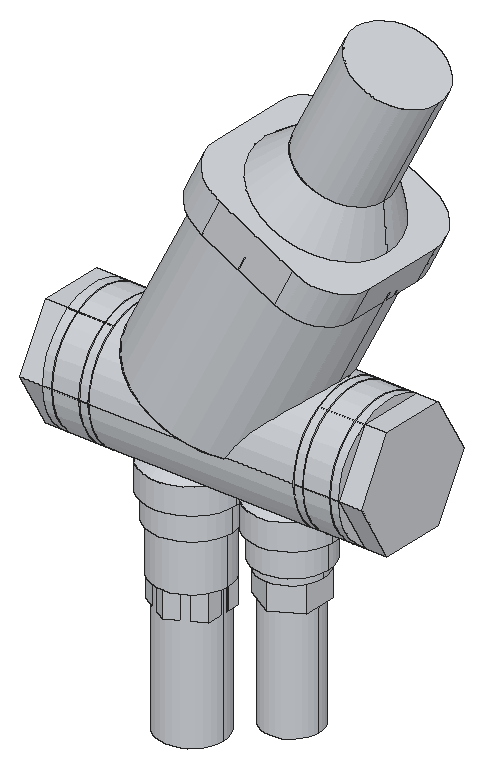
Revit family "Sigma_Compact_DN015 LF_s vyp_RFA_2019", category Pipe Accessories, Revit 2019
Family settings
  Round Connector Dimension = Use Diameter
  Part Type = Valve - Breaks Into
  Work Plane-Based = No
  Always vertical = Yes
  Cut with Voids When Loaded = No
  Shared = No
Parameters (values of type "Sigma Compact DN 15 LF s vypouštěním")
  magiProductId = "4da2706faa094394a6b47e72802cb6"
  magiProductFamilyId = "b36b5fd198d64ff2a1a242d49e26b9"
  magiPartTypeId = 304
  isMeasuringValve [instance] = no
  ang2D [instance] = 0.00°
  Z6 = 26.1 mm
  Z5 = 60.9 mm
  Z4 = 52.2 mm
  Z3 = 8.7 mm
  Z2 = 43.5 mm
  XR2 = 25 mm
  XR1 = 13 mm
  W2D = 15 mm
  VersionID = "2.0/2018.12.13.2/FRESE_SIGMA_PLUG_Q13_001"
  Use Minimum Symbol Size [instance] = no
  URL = "www.hydronic.cz"
  Type Comments = "závitový; vnitřní závit; PN25; max dp=400kPa; -10~+120°C; max uzavírací tlak 1MPa"
  R4 = 15 mm
  R3 = 10 mm
  R2 = 14 mm
  R1 = 19 mm
  QmdConnectorList = "301;D;302;D"
  Productdata [instance] = ""
  NL__ve = -NL  # -15 mm
  NL = 15 mm
  Manufacturer = "Hydronic Systems Prague s.r.o."
  MC Use Limits From Balancing Method = no
  MC Throttling Minimum Value = 0
  MC Throttling Maximum Value = 0
  MC Product Code = "53-2220 DN15 FF s měřením a vypouštěním; (40-900 l/h); kvs=2,6"
  MC Pressure Drop Minimum Value = 0.0 Pa
  MC Pressure Drop Maximum Value = 0.0 Pa
  MC Piping Given Pressure Drop [instance] = 0.0 Pa
  M5 = 32.5 mm
  M4 = 30.5 mm
  M3 = 24.5 mm
  M2 = 22.5 mm
  LP = 37.5 mm
  LM = 45 mm
  LL__ve = -LL  # -5.7 mm
  LLT__ve = -LLT  # -14.9 mm
  LLT = 14.9 mm
  LLL = 11 mm
  LL3 = 41 mm
  LL2 = 32 mm
  LL = 5.7 mm
  L3 = 11 mm
  L2D_Min = 30.48 mm
  L2D = 65 mm
  Description = "Automatický vyvažovací ventil"
  DR1 = yes
  DR0 = no
  DL2 = 66 mm
  D = 15 mm
  CenSd_R2_6 = R2 * cos(30.00°)  # 12.124 mm
  CAT0 = yes
  C0D1 = yes
  C0D0 = no
Types (3, lengths in mm): name | magiProductId | Z6 | Z5 | Z4 | Z3 | Z2 | R2 | NL__ve | NL | MC Product Code | M5 | M4 | M3 | M2 | LP | LM | LL__ve | LLT__ve | LLT | LL3 | LL2 | LL | DL2 | D | CenSd_R2_6
  Sigma Compact DN 15 LF s vypouštěním | "4da2706faa094394a6b47e72802cb6" | 26.1 | 60.9 | 52.2 | 8.7 | 43.5 | 14 | -15 | 15 | "53-2220 DN15 FF s měřením a vypouštěním; (40-900 l/h); kvs=2,6" | 32.5 | 30.5 | 24.5 | 22.5 | 37.5 | 45 | -5.7 | -14.9 | 14.9 | 41 | 32 | 5.7 | 66 | 15 | 12.124
  Sigma Compact DN 20 LF s vypouštěním | "4441b8ffc9524b918ae82076b70c18" | 26.1 | 60.9 | 52.2 | 8.7 | 43.5 | 14 | -15.8 | 15.8 | "53-2222 DN20 FF s měřením a vypouštěním; (86-1550 l/h); kvs=4,0" | 33.7 | 31.7 | 25.7 | 23.7 | 39.5 | 47.4 | -5.7 | -14.9 | 14.9 | 41 | 32 | 5.7 | 66 | 20 | 12.124
  Sigma Compact DN 25 LF s vypouštěním | "c12e4a96aaac41ec97144b6aa94874" | 27 | 63 | 54 | 9 | 45 | 18 | -16.6 | 16.6 | "53-2228 DN25 FF s měřením a vypouštěním; (95-2000 l/h); kvs=3,9" | 34.9 | 32.9 | 26.9 | 24.9 | 41.5 | 49.8 | -5.9 | -16.3 | 16.3 | 43 | 34 | 5.9 | 68 | 25 | 15.588
Reference planes
  plane 1 "Center (Front/Back)": y = 0
  plane 2 "XYPLANE": z = 0
  plane 3 "Center (Left/Right)": x = 0
  plane 4 "408": x = 37.5
  plane 5 "407": x = -37.5
  plane 6 "404": z = -35.3
  plane 7 "403": z = -41
  plane 8 "402": z = -66
  plane 9 "213": x = -11
  plane 10 "168": z = -10.9
  plane 11 "167": z = -12.9
  plane 12 "166": z = -18.6
  plane 13 "165": z = -24.3
  plane 14 "164": z = -26.3
  plane 15 "154": z = 0
  plane 16 "152": y = 0
  plane 17 "151": z = -32
  plane 18 "150": x = 11
  plane 19 "75": through (318.218, 0, 679.605) normal (0.891, 0, -0.454)
  plane 20 "74": x = 32.5
  plane 21 "73": x = 30.5
  plane 22 "72": x = 24.5
  plane 23 "71": x = 22.5
  plane 24 "70": x = -32.5
  plane 25 "69": x = -30.5
  plane 26 "68": x = -24.5
  plane 27 "67": y = 0
  plane 28 "66": through (-666.893, 0, 343.166) normal (0.454, 0, 0.891)
  plane 29 "65": x = -22.5
  plane 30 "64": through (335.147, 0, 670.979) normal (0.891, 0, -0.454)
  plane 31 "63": through (-648.506, 0, 379.252) normal (0.454, 0, 0.891)
  plane 32 "62": through (352.076, 0, 662.353) normal (0.891, 0, -0.454)
  plane 33 "61": y = 19
  plane 34 "60": y = -19
  plane 35 "59": through (-644.557, 0, 387.003) normal (0.454, 0, 0.891)
  plane 36 "58": through (-640.607, 0, 394.755) normal (0.454, 0, 0.891)
  plane 37 "56": x = 0
  plane 38 "55": through (-668.255, 0, 340.493) normal (0.454, 0, 0.891)
  plane 39 "102XY": through (-668.255, 0, 340.493) normal (0.454, 0, 0.891)
  plane 40 "102XZ": y = 0
  plane 41 "102YZ": through (340.493, 0, 668.255) normal (0.891, 0, -0.454)
Forms (mm)
  Extrusion 1, solid
    sketch origin (37.5, -750, 0) x (0, 1, 0) y (0, 0, 1)
      loop
        line (764, 0) -> (757, 12.124) -> (743, 12.124) -> (736, 0) -> (743, -12.124) -> (757, -12.124) -> (764, 0)
    from 0 to -15 <- "NL__ve"
  Extrusion 2, solid
    sketch origin (-37.5, -750, 0) x (0, 1, 0) y (0, 0, 1)
      loop
        line (736, 0) -> (743, -12.124) -> (757, -12.124) -> (764, 0) -> (757, 12.124) -> (743, 12.124) -> (736, 0)
    from 0 to 15 <- "NL"
  Extrusion 3, solid, visible <- "C0D1"
    sketch origin (-750, 0, -66) x (1, 0, 0) y (0, 1, 0)
      loop
        circle (739, 0) r 7
    from 0 to 50
  Extrusion 4, solid, visible <- "DR1"
    sketch origin (-750, 0, -35.3) x (1, 0, 0) y (0, 1, 0)
      loop
        line (739, -8) -> (745.928, -4) -> (745.928, 4) -> (739, 8) -> (732.072, 4) -> (732.072, -4) -> (739, -8)
    from 0 to -5.7 <- "LL__ve"
  Extrusion 5, solid, visible <- "DR1"
    sketch origin (-750, 0, -35.3) x (1, 0, 0) y (0, 1, 0)
      loop
        circle (739, 0) r 8
    from 0 to 11 <- "LLL"
  Extrusion 6, solid, visible <- "DR1"
    sketch origin (-750, 0, -24.3) x (1, 0, 0) y (0, 1, 0)
      loop
        circle (739, 0) r 9
    from 0 to 5.7 <- "LL"
  Extrusion 7, solid, visible <- "DR1"
    sketch origin (-750, 0, -18.6) x (1, 0, 0) y (0, 1, 0)
      loop
        circle (739, 0) r 10
    from 0 to 5.7 <- "LL"
  Blend 8, solid, visible <- "DR1"
    base sketch origin (-750, 0, -10.9) x (1, 0, 0) y (0, 1, 0)
      loop
        circle (739, 0) r 7.5
    top sketch origin (-750, 0, -10.9) x (1, 0, 0) y (0, 1, 0)
      loop
        circle (739, 0) r 10
    from 0 to -2
  Extrusion 9, solid, visible <- "DR1"
    sketch origin (-750, 0, 0) x (1, 0, 0) y (0, 1, 0)
      loop
        circle (739, 0) r 7.5
    from 0 to -14.9 <- "LLT__ve"
  Extrusion 10, solid, visible <- "C0D0"
    sketch origin (-750, 0, -32) x (1, 0, 0) y (0, 1, 0)
      loop
        circle (739, 0) r 6
    from 0 to -25
  Extrusion 11, solid, visible <- "DR0"
    sketch origin (-750, 0, -26.3) x (1, 0, 0) y (0, 1, 0)
      loop
        line (739, -7) -> (745.062, -3.5) -> (745.062, 3.5) -> (739, 7) -> (732.938, 3.5) -> (732.938, -3.5) -> (739, -7)
    from 0 to -5.7 <- "LL__ve"
  Extrusion 12, solid, visible <- "DR0"
    sketch origin (-750, 0, -26.3) x (1, 0, 0) y (0, 1, 0)
      loop
        circle (739, 0) r 7
    from 0 to 2
  Extrusion 13, solid, visible <- "DR0"
    sketch origin (-750, 0, -18.6) x (1, 0, 0) y (0, 1, 0)
      loop
        circle (739, 0) r 9
    from 0 to 5.7 <- "LL"
  Blend 14, solid, visible <- "DR0"
    base sketch origin (-750, 0, -10.9) x (1, 0, 0) y (0, 1, 0)
      loop
        circle (739, 0) r 6.5
    top sketch origin (-750, 0, -10.9) x (1, 0, 0) y (0, 1, 0)
      loop
        circle (739, 0) r 9
    from 0 to -2
  Extrusion 15, solid, visible <- "DR0"
    sketch origin (-750, 0, 0) x (1, 0, 0) y (0, 1, 0)
      loop
        circle (739, 0) r 6.5
    from 0 to -14.9 <- "LLT__ve"
  Extrusion 16, solid, visible <- "DR0"
    sketch origin (-750, 0, 0) x (1, 0, 0) y (0, 1, 0)
      loop
        circle (739, 0) r 6.5
    from 0 to -14.9 <- "LLT__ve"
  Blend 17, solid, visible <- "DR0"
    base sketch origin (-750, 0, -10.9) x (1, 0, 0) y (0, 1, 0)
      loop
        circle (739, 0) r 6.5
    top sketch origin (-750, 0, -10.9) x (1, 0, 0) y (0, 1, 0)
      loop
        circle (739, 0) r 9
    from 0 to -2
  Extrusion 18, solid, visible <- "DR0"
    sketch origin (-750, 0, -18.6) x (1, 0, 0) y (0, 1, 0)
      loop
        circle (739, 0) r 9
    from 0 to 5.7 <- "LL"
  Extrusion 19, solid, visible <- "DR0"
    sketch origin (-750, 0, -24.3) x (1, 0, 0) y (0, 1, 0)
      loop
        circle (739, 0) r 8
    from 0 to 5.7 <- "LL"
  Extrusion 20, solid, visible <- "DR0"
    sketch origin (-750, 0, -26.3) x (1, 0, 0) y (0, 1, 0)
      loop
        circle (739, 0) r 7
    from 0 to 2
  Extrusion 21, solid, visible <- "DR0"
    sketch origin (-750, 0, -26.3) x (1, 0, 0) y (0, 1, 0)
      loop
        line (739, -7) -> (745.062, -3.5) -> (745.062, 3.5) -> (739, 7) -> (732.938, 3.5) -> (732.938, -3.5) -> (739, -7)
    from 0 to -5.7 <- "LL__ve"
  Extrusion 22, solid, visible <- "C0D0"
    sketch origin (-750, 0, -32) x (1, 0, 0) y (0, 1, 0)
      loop
        circle (739, 0) r 6
    from 0 to -25
  Extrusion 23, solid, visible <- "CAT0"
    sketch origin (-750, 0, -32) x (1, 0, 0) y (0, 1, 0)
      loop
        circle (761, 0) r 6
    from 0 to -25
  Extrusion 24, solid
    sketch origin (-750, 0, -26.3) x (1, 0, 0) y (0, 1, 0)
      loop
        line (761, -7) -> (767.062, -3.5) -> (767.062, 3.5) -> (761, 7) -> (754.938, 3.5) -> (754.938, -3.5) -> (761, -7)
    from 0 to -5.7 <- "LL__ve"
  Extrusion 25, solid
    sketch origin (-750, 0, -26.3) x (1, 0, 0) y (0, 1, 0)
      loop
        circle (761, 0) r 7
    from 0 to 2
  Extrusion 26, solid
    sketch origin (-750, 0, -24.3) x (1, 0, 0) y (0, 1, 0)
      loop
        circle (761, 0) r 8
    from 0 to 5.7 <- "LL"
  Extrusion 27, solid
    sketch origin (-750, 0, -18.6) x (1, 0, 0) y (0, 1, 0)
      loop
        circle (761, 0) r 9
    from 0 to 5.7 <- "LL"
  Blend 28, solid
    base sketch origin (-750, 0, -10.9) x (1, 0, 0) y (0, 1, 0)
      loop
        circle (761, 0) r 6.5
    top sketch origin (-750, 0, -10.9) x (1, 0, 0) y (0, 1, 0)
      loop
        circle (761, 0) r 9
    from 0 to -2
  Extrusion 29, solid
    sketch origin (-750, 0, 0) x (1, 0, 0) y (0, 1, 0)
      loop
        circle (761, 0) r 6.5
    from 0 to -14.9 <- "LLT__ve"
  Blend 30, solid, visible <- "CAT0"
    base sketch origin (30.5, -750, 0) x (0, 1, 0) y (0, 0, 1)
      loop
        circle (750, 0) r 14
    top sketch origin (30.5, -750, 0) x (0, 1, 0) y (0, 0, 1)
      loop
        circle (750, 0) r 14
    from 0 to 2
  Extrusion 31, solid, visible <- "CAT0"
    sketch origin (24.5, -750, 0) x (0, 1, 0) y (0, 0, 1)
      loop
        circle (750, 0) r 14
    from 0 to 6
  Blend 32, solid, visible <- "CAT0"
    base sketch origin (22.5, -750, 0) x (0, 1, 0) y (0, 0, 1)
      loop
        circle (750, 0) r 14
    top sketch origin (22.5, -750, 0) x (0, 1, 0) y (0, 0, 1)
      loop
        circle (750, 0) r 14
    from 0 to 2
  Blend 33, solid, visible <- "CAT0"
    base sketch origin (-30.5, -750, 0) x (0, 1, 0) y (0, 0, 1)
      loop
        circle (750, 0) r 14
    top sketch origin (-30.5, -750, 0) x (0, 1, 0) y (0, 0, 1)
      loop
        circle (750, 0) r 14
    from 0 to -2
  Extrusion 34, solid, visible <- "CAT0"
    sketch origin (-30.5, -750, 0) x (0, 1, 0) y (0, 0, 1)
      loop
        circle (750, 0) r 14
    from 0 to 6
  Blend 35, solid, visible <- "CAT0"
    base sketch origin (-24.5, -750, 0) x (0, 1, 0) y (0, 0, 1)
      loop
        circle (750, 0) r 14
    top sketch origin (-24.5, -750, 0) x (0, 1, 0) y (0, 0, 1)
      loop
        circle (750, 0) r 14
    from 0 to 2
  Extrusion 36, solid, visible <- "CAT0"
    sketch origin (-22.5, -750, 0) x (0, 1, 0) y (0, 0, 1)
      loop
        circle (750, 0) r 14
    from 0 to 45 <- "LM"
  Extrusion 37, solid, visible <- "CAT0"
    sketch origin (-666.893, 0, 343.166) x (0.891007, 0, -0.45399) y (0, 1, 0)
      loop
        circle (744, 0) r 19
    from 0 to 43.5 <- "Z2"
  Extrusion 38, solid, visible <- "CAT0"
    sketch origin (-648.506, 0, 379.252) x (0.891007, 0, -0.45399) y (0, 1, 0)
      loop
        arc (735, 19) -> (727.929, 16.071) -> (725, 9) r 10
        line (725, 9) -> (725, -9)
        arc (725, -9) -> (727.929, -16.071) -> (735, -19) r 10
        line (735, -19) -> (753, -19)
        arc (753, -19) -> (760.071, -16.071) -> (763, -9) r 10
        line (763, -9) -> (763, 9)
        arc (763, 9) -> (760.071, 16.071) -> (753, 19) r 10
        line (753, 19) -> (735, 19)
    from 0 to 8.7 <- "Z3"
  Blend 39, solid, visible <- "CAT0"
    base sketch origin (-644.557, 0, 387.003) x (0.891007, 0, -0.45399) y (0, 1, 0)
      loop
        circle (744, 0) r 15
    top sketch origin (-644.557, 0, 387.003) x (0.891007, 0, -0.45399) y (0, 1, 0)
      loop
        circle (744, 0) r 10
    from 0 to 8.7
  Extrusion 40, solid, visible <- "CAT0"
    sketch origin (-640.607, 0, 394.755) x (0.891007, 0, -0.45399) y (0, 1, 0)
      loop
        circle (744, 0) r 10
    from 0 to 26.1 <- "Z6"
  Blend 41, solid, visible <- "CAT0"
    base sketch origin (-668.255, 0, 340.493) x (0.891007, 0, -0.45399) y (0, 1, 0)
      loop
        circle (744, 0) r 15
    top sketch origin (-668.255, 0, 340.493) x (0.891007, 0, -0.45399) y (0, 1, 0)
      loop
        circle (744, 0) r 19
    from 0 to 3
  Extrusion 42, solid, not visible
    sketch origin (-32.5, -750, 0) x (0, 1, 0) y (0, 0, 1)
      loop
        circle (750, 0) r 10
    from 0 to 10
  Extrusion 43, solid, not visible
    sketch origin (32.5, -750, 0) x (0, 1, 0) y (0, 0, 1)
      loop
        circle (750, 0) r 10
    from 0 to -10
Lines and regions (mm)
  reference lines, not visible
    curve 1: circle (2, 2, 0) r 1 normal (0, 0, 1)
  reference lines
    curve 2: line (37.5, 0, 0) -> (37.5, -3.5, 6.062)
    curve 3: line (37.5, 0, 0) -> (37.5, -7, 0)
    curve 4: line (37.5, 0, 0) -> (37.5, -3.5, -6.062)
    curve 5: line (-37.5, 0, 0) -> (-37.5, 3.5, 6.062)
    curve 6: line (-37.5, 0, 0) -> (-37.5, 7, 0)
    curve 7: line (-37.5, 0, 0) -> (-37.5, 3.5, -6.062)
Dimensions and locks
  plane 1 "Center (Front/Back)" to curve 1 = 2 mm
  "LP": plane 37 "56" to plane 4 "408"
  "LP": plane 37 "56" to plane 5 "407"
  "LL": plane 7 "403" to plane 6 "404"
  "LL3": plane 2 "XYPLANE" to plane 7 "403"
  "DL2": plane 2 "XYPLANE" to plane 8 "402"
  "L3": plane 3 "Center (Left/Right)" to plane 9 "213"
  locked: plane 11 "167" to plane 10 "168" at 2
  "LL": plane 12 "166" to plane 11 "167"
  "LL": plane 13 "165" to plane 12 "166"
  locked: plane 14 "164" to plane 13 "165" at 2
  "LL": plane 17 "151" to plane 14 "164"
  locked: plane 2 "XYPLANE" to plane 15 "154"
  locked: plane 1 "Center (Front/Back)" to plane 16 "152"
  "LL2": plane 2 "XYPLANE" to plane 17 "151"
  "L3": plane 3 "Center (Left/Right)" to plane 18 "150"
  "XR2": plane 41 "102YZ" to plane 19 "75"
  "M5": plane 3 "Center (Left/Right)" to plane 20 "74"
  "M4": plane 3 "Center (Left/Right)" to plane 21 "73"
  "M3": plane 3 "Center (Left/Right)" to plane 22 "72"
  "M2": plane 3 "Center (Left/Right)" to plane 23 "71"
  "M5": plane 3 "Center (Left/Right)" to plane 24 "70"
  "M4": plane 3 "Center (Left/Right)" to plane 25 "69"
  "M3": plane 3 "Center (Left/Right)" to plane 26 "68"
  locked: plane 16 "152" to plane 27 "67"
  locked: plane 39 "102XY" to plane 28 "66" at 3
  "M2": plane 3 "Center (Left/Right)" to plane 29 "65"
  locked: plane 41 "102YZ" to plane 30 "64" at 6
  "Z2": plane 39 "102XY" to plane 31 "63"
  "XR1": plane 41 "102YZ" to plane 32 "62"
  "R1": plane 16 "152" to plane 33 "61"
  "R1": plane 16 "152" to plane 34 "60"
  "Z4": plane 39 "102XY" to plane 35 "59"
  "Z5": plane 39 "102XY" to plane 36 "58"
  locked: plane 3 "Center (Left/Right)" to plane 37 "56"
  locked: plane 39 "102XY" to plane 38 "55"
  "CenSd_R2_6": curve 2 to Extrusion 1 sketch curve  (x2)
  "CenSd_R2_6": curve 3 to Extrusion 1 sketch curve  (x2)
  "CenSd_R2_6": curve 4 to Extrusion 1 sketch curve  (x2)
  Extrusion 1 sketch curve to Extrusion 1 sketch curve = 0 mm  (x12)
  "CenSd_R2_6": curve 5 to Extrusion 2 sketch curve  (x2)
  "CenSd_R2_6": curve 6 to Extrusion 2 sketch curve  (x2)
  "CenSd_R2_6": curve 7 to Extrusion 2 sketch curve  (x2)
  Extrusion 2 sketch curve to Extrusion 2 sketch curve = 0 mm  (x12)
  Extrusion 4 sketch curve to Extrusion 4 sketch curve = 0 mm  (x12)
  Extrusion 11 sketch curve to Extrusion 11 sketch curve = 0 mm  (x12)
  Extrusion 21 sketch curve to Extrusion 21 sketch curve = 0 mm  (x12)
  Extrusion 24 sketch curve to Extrusion 24 sketch curve = 0 mm  (x12)
  Extrusion 38 sketch curve to Extrusion 38 sketch curve = 0 mm  (x16)
  "R2": radius of Blend 30 sketch curve  (x2)
  "R2": radius of Extrusion 31 sketch curve
  "R2": radius of Blend 32 sketch curve  (x2)
  "R2": radius of Blend 33 sketch curve  (x2)
  "R2": radius of Extrusion 34 sketch curve
  "R2": radius of Blend 35 sketch curve  (x2)
  "R2": radius of Extrusion 36 sketch curve
  "R1": radius of Extrusion 37 sketch curve
  radius of Extrusion 38 sketch curve = 10 mm  (x4)
  "R3": radius of Blend 39 sketch curve
  "R4": radius of Blend 39 sketch curve
  "R3": radius of Extrusion 40 sketch curve
  "R1": radius of Blend 41 sketch curve
  locked: curve 3 to curve 2 (angle 60.00°)
  locked: curve 4 to curve 3 (angle 60.00°)
  locked: curve 4 to curve 2 (angle 120.00°)
  locked: curve 6 to curve 5 (angle 60.00°)
  locked: curve 7 to curve 6 (angle 60.00°)
  locked: curve 7 to curve 5 (angle 120.00°)
  aligned and locked: level to plane 2 "XYPLANE"
  aligned and locked: plane 15 "154" to curve 4
  aligned and locked: curve 4 to plane 16 "152"
  aligned and locked: plane 15 "154" to curve 7
  aligned and locked: curve 7 to plane 16 "152"
  aligned and locked: plane 9 "213" to Extrusion 3 sketch curve
  aligned and locked: plane 16 "152" to Extrusion 3 sketch curve
  aligned and locked: plane 9 "213" to Extrusion 5 sketch curve
  aligned and locked: plane 16 "152" to Extrusion 5 sketch curve
  aligned and locked: plane 9 "213" to Extrusion 6 sketch curve
  aligned and locked: plane 16 "152" to Extrusion 6 sketch curve
  aligned and locked: plane 9 "213" to Extrusion 7 sketch curve
  aligned and locked: plane 16 "152" to Extrusion 7 sketch curve
  aligned and locked: plane 9 "213" to Blend 8 sketch curve  (x2)
  aligned and locked: plane 16 "152" to Blend 8 sketch curve  (x2)
  aligned and locked: Blend 8 to plane 11 "167"
  aligned and locked: plane 9 "213" to Extrusion 9 sketch curve
  aligned and locked: plane 16 "152" to Extrusion 9 sketch curve
  aligned and locked: plane 9 "213" to Extrusion 10 sketch curve
  aligned and locked: plane 16 "152" to Extrusion 10 sketch curve
  aligned and locked: plane 9 "213" to Extrusion 12 sketch curve
  aligned and locked: plane 16 "152" to Extrusion 12 sketch curve
  aligned and locked: plane 9 "213" to Extrusion 13 sketch curve
  aligned and locked: plane 16 "152" to Extrusion 13 sketch curve
  aligned and locked: plane 9 "213" to Blend 14 sketch curve  (x2)
  aligned and locked: plane 16 "152" to Blend 14 sketch curve  (x2)
  aligned and locked: Blend 14 to plane 11 "167"
  aligned and locked: plane 9 "213" to Extrusion 15 sketch curve
  aligned and locked: plane 16 "152" to Extrusion 15 sketch curve
  aligned and locked: plane 9 "213" to Extrusion 16 sketch curve
  aligned and locked: plane 16 "152" to Extrusion 16 sketch curve
  aligned and locked: plane 9 "213" to Blend 17 sketch curve  (x2)
  aligned and locked: plane 16 "152" to Blend 17 sketch curve  (x2)
  aligned and locked: Blend 17 to plane 11 "167"
  aligned and locked: plane 9 "213" to Extrusion 18 sketch curve
  aligned and locked: plane 16 "152" to Extrusion 18 sketch curve
  aligned and locked: plane 9 "213" to Extrusion 19 sketch curve
  aligned and locked: plane 16 "152" to Extrusion 19 sketch curve
  aligned and locked: plane 9 "213" to Extrusion 20 sketch curve
  aligned and locked: plane 16 "152" to Extrusion 20 sketch curve
  aligned and locked: plane 9 "213" to Extrusion 22 sketch curve
  aligned and locked: plane 16 "152" to Extrusion 22 sketch curve
  aligned and locked: plane 16 "152" to Extrusion 23 sketch curve
  aligned and locked: plane 18 "150" to Extrusion 23 sketch curve
  aligned and locked: plane 16 "152" to Extrusion 25 sketch curve
  aligned and locked: plane 18 "150" to Extrusion 25 sketch curve
  aligned and locked: plane 16 "152" to Extrusion 26 sketch curve
  aligned and locked: plane 18 "150" to Extrusion 26 sketch curve
  aligned and locked: plane 16 "152" to Extrusion 27 sketch curve
  aligned and locked: plane 18 "150" to Extrusion 27 sketch curve
  aligned and locked: plane 16 "152" to Blend 28 sketch curve  (x2)
  aligned and locked: plane 18 "150" to Blend 28 sketch curve  (x2)
  aligned and locked: Blend 28 to plane 11 "167"
  aligned and locked: plane 16 "152" to Extrusion 29 sketch curve
  aligned and locked: plane 18 "150" to Extrusion 29 sketch curve
  aligned and locked: plane 15 "154" to Blend 30 sketch curve  (x2)
  aligned and locked: Blend 30 sketch curve to plane 16 "152"  (x2)
  aligned and locked: plane 20 "74" to Blend 30
  aligned and locked: plane 15 "154" to Extrusion 31 sketch curve
  aligned and locked: Extrusion 31 sketch curve to plane 16 "152"
  aligned and locked: plane 15 "154" to Blend 32 sketch curve  (x2)
  aligned and locked: Blend 32 sketch curve to plane 16 "152"  (x2)
  aligned and locked: plane 22 "72" to Blend 32
  aligned and locked: plane 15 "154" to Blend 33 sketch curve  (x2)
  aligned and locked: Blend 33 sketch curve to plane 16 "152"  (x2)
  aligned and locked: Blend 33 to plane 24 "70"
  aligned and locked: plane 15 "154" to Extrusion 34 sketch curve
  aligned and locked: Extrusion 34 sketch curve to plane 16 "152"
  aligned and locked: plane 15 "154" to Blend 35 sketch curve  (x2)
  aligned and locked: Blend 35 sketch curve to plane 16 "152"  (x2)
  aligned and locked: plane 29 "65" to Blend 35
  aligned and locked: plane 15 "154" to Extrusion 36 sketch curve
  aligned and locked: Extrusion 36 sketch curve to plane 16 "152"
  aligned and locked: plane 27 "67" to Extrusion 37 sketch curve
  aligned and locked: Extrusion 37 sketch curve to plane 30 "64"
  aligned and locked: Extrusion 38 sketch curve to plane 19 "75"
  aligned and locked: Extrusion 38 sketch curve to plane 34 "60"
  aligned and locked: Extrusion 38 sketch curve to plane 32 "62"
  aligned and locked: plane 33 "61" to Extrusion 38 sketch curve
  aligned and locked: plane 27 "67" to Blend 39 sketch curve  (x2)
  aligned and locked: Blend 39 sketch curve to plane 30 "64"  (x2)
  aligned and locked: plane 36 "58" to Blend 39
  aligned and locked: plane 27 "67" to Extrusion 40 sketch curve
  aligned and locked: Extrusion 40 sketch curve to plane 30 "64"
  aligned and locked: plane 27 "67" to Blend 41 sketch curve  (x2)
  aligned and locked: Blend 41 sketch curve to plane 30 "64"  (x2)
  aligned and locked: plane 28 "66" to Blend 41
  aligned and locked: plane 15 "154" to Extrusion 42 sketch curve
  aligned and locked: Extrusion 42 sketch curve to plane 16 "152"
  aligned and locked: plane 15 "154" to Extrusion 43 sketch curve
  aligned and locked: Extrusion 43 sketch curve to plane 16 "152"
Automatic sketch dimensions
  plane 29 "65" to Extrusion 3 sketch curve = 4.5 mm
  Extrusion 4 sketch curve to plane 9 "213" = 0 mm  (x2)
  plane 29 "65" to Extrusion 4 sketch curve = 4.572 mm
  Extrusion 4 sketch curve to plane 3 "Center (Left/Right)" = 4.072 mm
  plane 1 "Center (Front/Back)" to Extrusion 4 sketch curve = 8 mm
  plane 1 "Center (Front/Back)" to Extrusion 4 sketch curve = 4 mm  (x2)
  Extrusion 4 sketch curve to plane 1 "Center (Front/Back)" = 4 mm  (x2)
  Extrusion 4 sketch curve to Extrusion 4 sketch curve = 4 mm
  plane 29 "65" to Extrusion 5 sketch curve = 3.5 mm
  plane 29 "65" to Extrusion 6 sketch curve = 2.5 mm
  plane 29 "65" to Extrusion 7 sketch curve = 1.5 mm
  plane 29 "65" to Blend 8 sketch curve = 4 mm
  plane 29 "65" to Blend 8 sketch curve = 1.5 mm
  plane 29 "65" to Extrusion 9 sketch curve = 4 mm
  plane 29 "65" to Extrusion 10 sketch curve = 5.5 mm
  Extrusion 11 sketch curve to plane 9 "213" = 0 mm  (x2)
  plane 29 "65" to Extrusion 11 sketch curve = 5.438 mm
  Extrusion 11 sketch curve to plane 3 "Center (Left/Right)" = 4.938 mm
  plane 1 "Center (Front/Back)" to Extrusion 11 sketch curve = 7 mm
  plane 1 "Center (Front/Back)" to Extrusion 11 sketch curve = 3.5 mm  (x2)
  Extrusion 11 sketch curve to plane 1 "Center (Front/Back)" = 3.5 mm  (x2)
  Extrusion 11 sketch curve to Extrusion 11 sketch curve = 3.5 mm
  plane 29 "65" to Extrusion 12 sketch curve = 4.5 mm
  plane 29 "65" to Extrusion 13 sketch curve = 2.5 mm
  plane 29 "65" to Blend 14 sketch curve = 5 mm
  plane 29 "65" to Blend 14 sketch curve = 2.5 mm
  plane 29 "65" to Extrusion 15 sketch curve = 5 mm
  plane 29 "65" to Extrusion 16 sketch curve = 5 mm
  plane 29 "65" to Blend 17 sketch curve = 5 mm
  plane 29 "65" to Blend 17 sketch curve = 2.5 mm
  plane 29 "65" to Extrusion 18 sketch curve = 2.5 mm
  plane 29 "65" to Extrusion 19 sketch curve = 3.5 mm
  plane 29 "65" to Extrusion 20 sketch curve = 4.5 mm
  Extrusion 21 sketch curve to plane 9 "213" = 0 mm  (x2)
  plane 29 "65" to Extrusion 21 sketch curve = 5.438 mm
  Extrusion 21 sketch curve to plane 3 "Center (Left/Right)" = 4.938 mm
  plane 1 "Center (Front/Back)" to Extrusion 21 sketch curve = 7 mm
  plane 1 "Center (Front/Back)" to Extrusion 21 sketch curve = 3.5 mm  (x2)
  Extrusion 21 sketch curve to plane 1 "Center (Front/Back)" = 3.5 mm  (x2)
  Extrusion 21 sketch curve to Extrusion 21 sketch curve = 3.5 mm
  plane 29 "65" to Extrusion 22 sketch curve = 5.5 mm
  plane 3 "Center (Left/Right)" to Extrusion 23 sketch curve = 5 mm
  Extrusion 24 sketch curve to plane 18 "150" = 0 mm  (x2)
  plane 3 "Center (Left/Right)" to Extrusion 24 sketch curve = 4.938 mm
  Extrusion 24 sketch curve to plane 23 "71" = 5.438 mm
  plane 1 "Center (Front/Back)" to Extrusion 24 sketch curve = 7 mm
  plane 1 "Center (Front/Back)" to Extrusion 24 sketch curve = 3.5 mm  (x2)
  Extrusion 24 sketch curve to plane 1 "Center (Front/Back)" = 3.5 mm  (x2)
  Extrusion 24 sketch curve to Extrusion 24 sketch curve = 3.5 mm
  plane 3 "Center (Left/Right)" to Extrusion 25 sketch curve = 4 mm
  plane 3 "Center (Left/Right)" to Extrusion 26 sketch curve = 3 mm
  plane 3 "Center (Left/Right)" to Extrusion 27 sketch curve = 2 mm
  plane 3 "Center (Left/Right)" to Blend 28 sketch curve = 4.5 mm
  plane 3 "Center (Left/Right)" to Blend 28 sketch curve = 2 mm
  plane 3 "Center (Left/Right)" to Extrusion 29 sketch curve = 4.5 mm
  plane 19 "75" to Blend 41 sketch curve = 4 mm
  plane 34 "60" to Extrusion 42 sketch curve = 9 mm
  plane 34 "60" to Extrusion 43 sketch curve = 9 mm
  plane 3 "Center (Left/Right)" to curve 1 = 2 mm
  radius of curve 1 = 1 mm
Connectors
  piping at (-32.5, 0, 0), diameter 15, driven by "D"
    settings: on Extrusion 42, index 1, connector inside diameter 609.6 mm, connector length 0 mm, flow factor 0, pipe flow 0.0 L/s, pressure drop 0.0 Pa, fitting loss kfactor 0, connector angle 0.00°, fixture units 0, engagement length 0 mm, angle of deflection 0.00°, flow configuration 0, flow direction 0, fitting loss method 0, system type 29, joint type 0, gender type 0, connector reference index 2, connector utility 0, adjustable connector no, is connector primary yes, connector description ""
  piping at (32.5, 0, 0), diameter 15, driven by "D"
    settings: on Extrusion 43, index 2, connector inside diameter 609.6 mm, connector length 0 mm, flow factor 0, pipe flow 0.0 L/s, pressure drop 0.0 Pa, fitting loss kfactor 0, connector angle 0.00°, fixture units 0, engagement length 0 mm, angle of deflection 0.00°, flow configuration 0, flow direction 0, fitting loss method 0, system type 29, joint type 0, gender type 0, connector reference index 1, connector utility 0, adjustable connector no, is connector primary no, connector description ""
